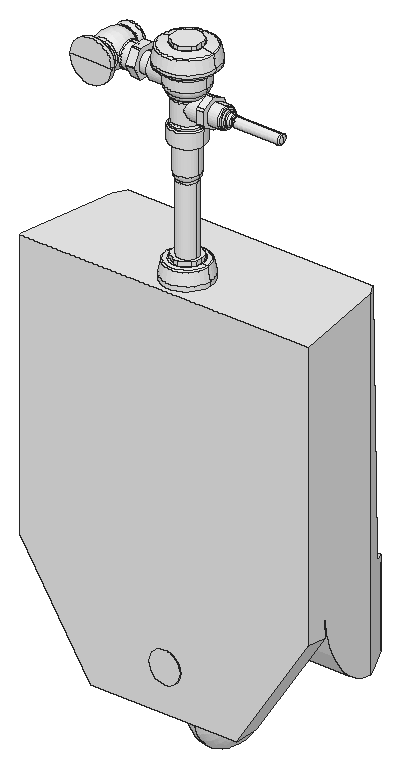
Revit family "API_MY_Urinal_content", category Plumbing Fixtures, host Wall, Revit 2025
Family settings
  Host = Wall
  Round Connector Dimension = Use Diameter
  Part Type = Normal
  OmniClass Number = 23.45.00.00
  OmniClass Title = Sanitary, Laundry, and Cleaning Equipment
  Enable Cutting in Views = No
  Always vertical = Yes
  Cut with Voids When Loaded = No
  Maintain Annotation Orientation = No
  Shared = No
  Room Calculation Point = No
Parameters
  Default Elevation = 0' - 0"
Reference planes (in)
  plane 1: y = 0
  plane 2 "Center (Left/Right)": x = -0.47711
  plane 3 "Back": y = 3
Text (in)
  text "Placement Side" at (0, 40.15149, 123.01588), in view "Right"
  text "Placement Side" at (-70.3804, 45.82615, 0), in view "Ref. Level"
  text "Placement Side" at (0, 47.49176, 113.10569), in view "Left"
Dimensions and locks (in)
  locked: plane 3 "Back" to host wall
  aligned and locked: nested 1 to plane 2 "Center (Left/Right)"
Nested families (in)
  nested 1: "MY_Urinal_Wall_Mounted_content" at (-0.47711, 3, 20) x (-1, 0, 0) z (0, 1, 0), type "Wall Mtd Urinal"
  nested 2: "WSP_WC_Valve" at (-0.47711, 4.8125, 38.11212) x (-1, 0, 0) z (0, 0, 1), type "WC_Valve"
Definition of nested family "MY_Urinal_Wall_Mounted_content"
  Parameters (values of type "Wall Mtd Urinal")
    Width = 1' - 6 1/2"  # constant formula
    Waste Water Outlet = "Waste Water Outlet"  # constant formula
    Waste Connection = yes
    Vent Connection = no
    URL = "https://www.us.kohler.com/us/"
    Type = 0
    Top Spud = not(Rear Spud)  # yes
    Rough-In = 0' - 0"
    Rear Spud = if(Constraint = 1, 1 = 1, 1 = 0)  # no
    Product data url = "https://bimobject.com/kohler/product/Kohler-K-4991-ET"
    Product Page URL = "http://www.us.kohler.com/us/catalog/productDetails.jsp?productNumber=4991-ET"
    Product Name = "Bardon"  # constant formula
    Product Guid = "a37dd442-7ec9-493e-9fb9-5ecb53e68176"
    Product Documentation Link = "http://www.us.kohler.com/onlinecatalog/pdf/K-4991-ET_spec.pdf"
    Pressure = 0.00 psi
    Model = if(and(Type = 1, Constraint = 1), "K-4991-ER-0", if(and(Type = 1, Constraint = 2), "K-4991-ET-0", if(and(Type = 4, Constraint = 2), "K-4991-ET-96", if(and(Type = 2, Constraint = 2), "K-4991-ET-47", if(and(Type = 3, Constraint = 2), "K-4991-ET-7", "0")))))  # "0"
    Material = "Vitreous China"  # constant formula
    MasterFormat 2004 = "22.41.13"  # constant formula
    MasterFormat 1995 = "15410"  # constant formula
    Manufacturer Address = "444 Highland Dr, Kohler, WI 53044"  # constant formula
    Manufacturer = "KOHLER Co."  # constant formula
    Length = 2' - 4 1/4"  # constant formula
    Keynote = "P-9"
    Hot Water Inlet = "Hot Water Inlet"  # constant formula
    Height = 1' - 2 3/16"  # constant formula
    HW Connection = no
    Flush Rate = "1 GPF"  # constant formula
    Flow Rate = 0 GPM
    Finish = none
    Environmental Product Declaration = ""
    Edition number = 1
    Description = "URINAL ADA COMPLIANT"  # constant formula
    Default Elevation = 2' - 0"
    Declare Label = ""
    Date Modified = "11/1/2017"  # constant formula
    Date Created = "11/1/2017"  # constant formula
    Copyright = "Copyright KOHLER Company"  # constant formula
    Contact Us = "https://www.us.kohler.com/us/static/contact.jsp"
    Constraint = 0
    Connection = if(Constraint = 1, 0.00°, 90.00°)  # 90.00°
    Cold Water Inlet = "Cold Water Inlet"  # constant formula
    CW Connection = yes
    Assembly Code = "D2010200"
    ADA Compliant = yes
  Types (2): name | Keynote
    Wall Mtd Urinal | "P-9"
    ADA | "P-10"
  Reference planes (in)
    plane 1 "Center (Front/Back)": y = 0
    plane 2: z = 0
    plane 3 "Center (Left/Right)": x = 0
    plane 4: z = 14.1875
    plane 5: y = -17.12783
    plane 6: y = 11.12217
    plane 7: x = -9.25
    plane 8: x = 9.25
    plane 9: z = 1.8125
    plane 10: y = 8.12217
    plane 11: y = 8.12217
  Forms (in)
    Extrusion 1, solid
      sketch origin (0, 0, 0) x (1, 0, 0) y (0, 1, 0)
        loop
          line (-48, 48) -> (-48, -48) -> (48, -48) -> (48, 48) -> (-48, 48)
      from 0 to -12
  Lines and regions (in)
    reference lines
      curve 1: line (0, 15.10512, 1.8125) -> (0, 16.91762, 1.8125)
    model lines
      curve 2: line (-2.47485, -0.12783, 0) -> (2.77515, -0.12783, 0)
  Dimensions and locks (in)
    "Height": plane 4 to plane 2
    "Length": plane 6 to plane 5
    "Width": plane 7 to plane 8
    plane 5 to curve 2 = 1' - 5"
    "Connection": angle curve 1 to plane 10
    aligned and locked: plane 2 to Extrusion 1
    aligned and locked: level to Extrusion 1
    aligned and locked: plane 9 to curve 1
  Automatic sketch dimensions
    Extrusion 1 sketch curve to Extrusion 1 sketch curve = 8' - 0"  (x2)
    curve 2 to plane 3 "Center (Left/Right)" = 0' - 2.47485"
    plane 3 "Center (Left/Right)" to curve 2 = 0' - 2.77515"
    plane 6 to curve 1 = 0' - 3.98295"
  Nested families (in)
    nested 1: "K-4991" at (0, 6.98295, 0), type "K-4991"
    nested 2: "WSP_WC_Valve" at (0, 18.11212, 1.8125) x (1, 0, 0) z (0, 1, 0), type "WC_Valve"
  Connectors (in)
    piping at (0, 16.91762, 1.8125), diameter 0.75, driven by "CW Connection", driven by "Cold Water Inlet"
      settings: on curve 1, index 1, connector inside diameter 24", connector length 0' - 0", flow factor 0, pipe flow 0 GPM, pressure drop 0.00 psi, fitting loss kfactor 0, connector angle 0.00°, fixture units 0, engagement length 0' - 0", angle of deflection 0.00°, flow configuration 0, flow direction 1, fitting loss method 0, system type 20, joint type 0, gender type 0, connector reference index -1, connector utility 1, adjustable connector no, is connector primary yes, connector description "Cold Water Inlet"
    piping at (0, -3.48738, 0), diameter 2, driven by "Waste Connection", driven by "Waste Water Outlet"
      settings: on nested 1, index 2, connector inside diameter 24", connector length 0' - 0", flow factor 0, pipe flow 0 GPM, pressure drop 0.00 psi, fitting loss kfactor 0, connector angle 0.00°, fixture units 0, engagement length 0' - 0", angle of deflection 0.00°, flow configuration 0, flow direction 2, fitting loss method 0, system type 16, joint type 0, gender type 0, connector reference index -1, connector utility 1, adjustable connector no, is connector primary no, connector description "Waste Water Outlet"
  Definition of nested family "K-4991"
    Parameters (values of type "K-4991")
      Top Spud Material = none
      Top Spud = yes
      Rear Spud = no
      Finish = none
      Default Elevation = 0' - 0"
      Angle = 90.00°
    Reference planes (in)
      plane 1 "Center (Front/Back)": y = 0
      plane 2: z = 0
      plane 3 "Center (Left/Right)": x = 0
    Forms (in)
      Extrusion 1, solid, material <- "Finish"
        sketch origin (0, 0, 0) x (1, 0, 0) y (0, 0, 1)
          loop
            line (-9.21192, 0) -> (9.28808, 0) -> (9.28808, 15.4312) -> (-9.21192, 15.4312) -> (-9.21192, 0)
        from -11.12917 to 13.10029
      Extrusion 2, void
        sketch origin (0, 0, 0) x (1, 0, 0) y (0, 0, 1)
          loop
            arc (-9.21192, 0) -> (-8.79054, 3.12987) -> (-8.19632, 6.23157) r 56.94914
            arc (-8.19632, 6.23157) -> (-7.50331, 7.52288) -> (-6.79763, 8.80731) r 149.10691
            arc (-6.79763, 8.80731) -> (-6.63095, 8.93042) -> (-6.42866, 8.88552) r 0.25
            line (-6.42866, 8.88552) -> (-5.66947, 8.31342)
            arc (-5.66947, 8.31342) -> (-5.08301, 8.17467) -> (-4.58378, 8.51224) r 0.75
            line (-4.58378, 8.51224) -> (-1.57012, 13.28941)
            arc (-1.57012, 13.28941) -> (0.04688, 14.1812) -> (1.66387, 13.28941) r 1.91186
            line (1.66387, 13.28941) -> (4.67753, 8.51224)
            arc (4.67753, 8.51224) -> (5.17676, 8.17467) -> (5.76322, 8.31342) r 0.75
            line (5.76322, 8.31342) -> (6.56225, 8.91554)
            arc (6.56225, 8.91554) -> (6.72938, 8.95265) -> (6.8671, 8.85097) r 0.20658
            arc (6.8671, 8.85097) -> (7.58513, 7.54483) -> (8.29007, 6.23157) r 149.10691
            arc (8.29007, 6.23157) -> (8.87106, 3.21073) -> (9.28808, 0.16293) r 56.94914
            line (9.28808, 0.16293) -> (9.28808, 15.26946) -> (-9.21192, 15.26946) -> (-9.21192, 0)
        from -11.50917 to 13.5253
      Extrusion 3, void
        sketch origin (0, 0, 0) x (0, 1, 0) y (0, 0, 1)
          loop
            line (11.12917, 6.93556) -> (11.12917, 14.1812) -> (11.12917, 15.4312) -> (-14.40221, 15.4312) -> (-14.40221, 1.51946) -> (-5.3086, 1.51946)
            arc (-5.3086, 1.51946) -> (-9.63132, 3.94848) -> (-10.95551, 8.72682) r 6.45426
            arc (-10.95551, 8.72682) -> (-9.8337, 11.87211) -> (-7.4853, 14.24619) r 7.6964
            arc (-7.4853, 14.24619) -> (-7.26329, 14.27051) -> (-7.11043, 14.10768) r 0.25
            line (-7.11043, 14.10768) -> (-5.3683, 8.28549)
            arc (-5.3683, 8.28549) -> (-5.05632, 7.87023) -> (-4.54937, 7.75724) r 0.75
            line (-4.54937, 7.75724) -> (11.12917, 6.93556)
        from -13.08037 to 12
      Extrusion 4, void
        sketch origin (-0.3125, 11.12917, 0) x (1, 0, 0) y (0, 0, 1)
          loop
            line (5.67968, 5.91122) -> (6.28377, 7.57094)
            arc (6.28377, 7.57094) -> (6.25363, 7.79984) -> (6.04885, 7.90645) r 0.25
            line (6.04885, 7.90645) -> (4.86215, 7.90645)
            arc (4.86215, 7.90645) -> (4.3019, 8.05657) -> (3.89177, 8.4667) r 1.1205
            line (3.89177, 8.4667) -> (1.92409, 11.87483) -> (-0.64713, 11.87483) -> (-3.28204, 8.37178)
            arc (-3.28204, 8.37178) -> (-3.67731, 8.0426) -> (-4.17798, 7.92459) r 1.12109
            line (-4.17798, 7.92459) -> (-5.44609, 7.92459)
            arc (-5.44609, 7.92459) -> (-5.65088, 7.81799) -> (-5.68102, 7.58909) r 0.25
            line (-5.68102, 7.58909) -> (-5.07032, 5.91122)
            arc (-5.07032, 5.91122) -> (0.30468, 4.11539) -> (5.67968, 5.91122) r 8.94175
        from 1.47527 to 18.80036
      Extrusion 5, void
        sketch origin (0, -6.47724, 1.51946) x (1, 0, 0) y (0, -1, 0)
          loop
            line (-10.52804, -2.48114) -> (-4.61571, 6.62304) -> (4.70946, 6.62304) -> (10.99022, -3.04848) -> (11.72057, -3.04848) -> (11.72057, 8.81961) -> (-11.27943, 8.81961) -> (-11.27943, -2.48114) -> (-10.52804, -2.48114)
        from 0 to 4.43631
      Revolve 6, solid, material <- "Finish"
        sketch origin (0, 0, 0) x (0, 1, 0) y (0, 0, 1)
          loop
            line (-9.90635, 7.04878) -> (-9.90635, 9.29767)
            arc (-9.90635, 9.29767) -> (-12.02585, 8.53798) -> (-14.23427, 8.09946) r 15.21172
            line (-14.23427, 8.09946) -> (-14.23427, 7.04878) -> (-9.90635, 7.04878)
          axis (-9.90635, 7.04878) -> (-14.23427, 7.04878)
        angle from 0 to 360
      Sweep 7, solid, material <- "Finish"
        path origin (0, 0, 0) x (0, 1, 0) y (0, 0, 1)
          loop
            arc (-14.23427, 7.04878) -> (-16.05817, 5.22488) -> (-14.23427, 3.40097) r 1.8239
            arc (-14.23427, 3.40097) -> (-11.61411, 2.64076) -> (-9.80772, 0.59623) r 4.89545
        profile origin (0, -16.05817, 5.22488) x (1, 0, 0) y (0, 1, 0)
          loop
            circle (0, 0) r 1.05078
      Extrusion 8, solid, material <- "Finish"
        sketch origin (0, 0, 0) x (1, 0, 0) y (0, 1, 0)
          loop
            circle (0, -10.47033) r 1
        from 0 to 0.16293
      Revolve 9, solid, material <- "Top Spud Material", visible <- "Top Spud"
        sketch origin (0, 0, 1.87145) x (1, 0, 0) y (0, 1, 0)
          loop
            line (-1.24916, 11.12917) -> (0, 11.12917) -> (0, 12.17339) -> (-0.74749, 12.17339) -> (-0.74749, 11.79492)
            arc (-0.74749, 11.79492) -> (-1.09107, 11.53193) -> (-1.24916, 11.12917) r 0.80604
          axis (0, 12.17339) -> (0, 11.12917)
        angle from 0 to 360
    Cuts and joins
      Extrusion 2, Extrusion 3, Extrusion 4, Extrusion 5 cuts Extrusion 1
      joined: Extrusion 1, Sweep 7
    Lines and regions (in)
      Masking region 1
        outline origin (0, 0, 0) x (1, 0, 0) y (0, 1, 0)
          loop
            line (-9.21192, 11.12917) -> (-9.21192, -6.79685)
            arc (-9.21192, -6.79685) -> (-9.0031, -8.86367) -> (-8.19624, -10.7779) r 6.99181
            spline (-8.19624, -10.7779) -> (-8.13133, -10.80972) -> (-8.06606, -10.83917) -> (-8.00044, -10.86624) -> (-7.9345, -10.89092) -> (-7.86826, -10.91321) -> (-7.80172, -10.93309) -> (-7.73492, -10.95057) -> (-7.66787, -10.96564) -> (-7.60059, -10.97829) -> (-7.53311, -10.98852) -> (-7.46543, -10.99632) -> (-7.39759, -11.00171)
            line (-7.39759, -11.00171) -> (-6.08516, -11.00171) -> (-4.61571, -13.10029) -> (-1.21192, -13.10029) -> (-1.05068, -14.23427) -> (-1.05068, -16.23427)
            arc (-1.05068, -16.23427) -> (0, -17.08899) -> (1.05068, -16.23427) r 1.07315
            line (1.05068, -16.23427) -> (1.05068, -14.23427) -> (1.23744, -13.10029) -> (4.70946, -13.10029) -> (6.07245, -11.00147) -> (7.49514, -11.00147)
            spline (7.49514, -11.00147) -> (7.56269, -10.99599) -> (7.63006, -10.9881) -> (7.69725, -10.97781) -> (7.76422, -10.96512) -> (7.83096, -10.95004) -> (7.89745, -10.93257) -> (7.96368, -10.91271) -> (8.02961, -10.89047) -> (8.09524, -10.86586) -> (8.16054, -10.83888) -> (8.22549, -10.80954) -> (8.29008, -10.77785)
            arc (8.29008, -10.77785) -> (9.08181, -8.86074) -> (9.28808, -6.79685) r 7.12777
            line (9.28808, -6.79685) -> (9.28808, 11.12917) -> (-9.21192, 11.12917)
      Masking region 2
        outline origin (0, 0, 0) x (1, 0, 0) y (0, 0, 1)
          loop
            arc (8.29007, 6.23157) -> (7.58513, 7.54483) -> (6.8671, 8.85097) r 149.10691
            arc (6.8671, 8.85097) -> (6.72938, 8.95265) -> (6.56225, 8.91554) r 0.20658
            line (6.56225, 8.91554) -> (5.76322, 8.31342)
            arc (5.76322, 8.31342) -> (5.17676, 8.17467) -> (4.67753, 8.51224) r 0.75
            line (4.67753, 8.51224) -> (1.66387, 13.28941)
            arc (1.66387, 13.28941) -> (0.04688, 14.1812) -> (-1.57012, 13.28941) r 1.91186
            line (-1.57012, 13.28941) -> (-4.58378, 8.51224)
            arc (-4.58378, 8.51224) -> (-5.08301, 8.17467) -> (-5.66947, 8.31342) r 0.75
            line (-5.66947, 8.31342) -> (-6.42866, 8.88552)
            arc (-6.42866, 8.88552) -> (-6.63095, 8.93042) -> (-6.79763, 8.80731) r 0.25
            arc (-6.79763, 8.80731) -> (-7.50331, 7.52288) -> (-8.19632, 6.23157) r 149.10691
            arc (-8.19632, 6.23157) -> (-8.79054, 3.12987) -> (-9.21192, 0) r 56.94914
            line (-9.21192, 0) -> (9.30567, 0)
            arc (9.30567, 0) -> (8.88429, 3.12987) -> (8.29007, 6.23157) r 56.94914
      Masking region 3, visible <- "Top Spud"
        outline origin (0, 0, 0) x (1, 0, 0) y (0, 1, 0)
          loop
            line (-0.74749, 12.17339) -> (-0.74749, 11.79492)
            arc (-0.74749, 11.79492) -> (-1.09575, 11.53546) -> (-1.24916, 11.12917) r 0.77301
            line (-1.24916, 11.12917) -> (1.24916, 11.12917)
            arc (1.24916, 11.12917) -> (1.09575, 11.53546) -> (0.74749, 11.79492) r 0.77301
            line (0.74749, 11.79492) -> (0.74749, 12.17339) -> (-0.74749, 12.17339)
      Masking region 4
        outline origin (0, 0, 0) x (0, 1, 0) y (0, 0, 1)
          loop
            line (11.12917, 0) -> (11.12917, 6.93556) -> (-4.69299, 7.76477)
            arc (-4.69299, 7.76477) -> (-5.11725, 7.92411) -> (-5.37226, 8.29874) r 0.75
            line (-5.37226, 8.29874) -> (-7.13579, 14.19242) -> (-7.56764, 14.19242)
            arc (-7.56764, 14.19242) -> (-9.81716, 11.8983) -> (-10.93404, 8.88567) r 7.6964
            arc (-10.93404, 8.88567) -> (-12.56156, 8.39772) -> (-14.23427, 8.09946) r 14.80522
            arc (-14.23427, 8.09946) -> (-17.10084, 5.17399) -> (-14.13392, 2.35034) r 2.87531
            arc (-14.13392, 2.35034) -> (-12.92583, 2.11318) -> (-11.8473, 1.51946) r 3.9954
            line (-11.8473, 1.51946) -> (-13.10029, 1.51946) -> (-13.10029, 0) -> (11.12917, 0)
          loop
            line (-9.10847, 1.51946) -> (-5.3086, 1.51946)
            arc (-5.3086, 1.51946) -> (-8.22287, 2.62021) -> (-10.26864, 4.96957) r 6.38059
            arc (-10.26864, 4.96957) -> (-12.21578, 5.62138) -> (-14.23427, 5.9981) r 14.8358
            arc (-14.23427, 5.9981) -> (-15.01681, 5.20917) -> (-14.19803, 4.45793) r 0.77088
            arc (-14.19803, 4.45793) -> (-11.26323, 3.66424) -> (-9.10847, 1.51946) r 5.92465
      Masking region 5, visible <- "Top Spud"
        outline origin (0, 0, 0) x (0, 1, 0) y (0, 0, 1)
          loop
            line (12.17339, 2.61894) -> (11.79492, 2.61894)
            arc (11.79492, 2.61894) -> (11.5392, 2.97074) -> (11.12917, 3.11578) r 0.73321
            line (11.12917, 3.11578) -> (11.12917, 0.62712)
            arc (11.12917, 0.62712) -> (11.5392, 0.77217) -> (11.79492, 1.12397) r 0.73321
            line (11.79492, 1.12397) -> (12.17339, 1.12397) -> (12.17339, 2.61894)
      symbolic lines, detail levels medium+fine
        curve 1: arc (-1.83168, -11.00171, 0) -> (-1.47647, -12.03761, 0) -> (-1.21192, -13.10029, 0) r 12.68547
        curve 2: arc (1.23744, -13.10029, 0) -> (1.47766, -12.03374, 0) -> (1.83842, -11.00171, 0) r 9.53221
        curve 3: line (-6.08516, -11.00171, 0) -> (5.91484, -11.00171, 0)
        curve 4: line (-7.37634, -4.52922, 0) -> (-7.82053, 11.12917, 0)
        curve 5: spline (-7.10958, -5.35621, 0) -> (-7.14009, -5.32626, 0) -> (-7.16971, -5.28793, 0) -> (-7.19825, -5.24149, 0) -> (-7.22549, -5.18726, 0) -> (-7.25125, -5.12563, 0) -> (-7.27534, -5.05704, 0) -> (-7.29759, -4.98196, 0) -> (-7.31785, -4.90093, 0) -> (-7.33598, -4.81451, 0) -> (-7.35184, -4.72332, 0) -> (-7.36532, -4.628, 0) -> (-7.37634, -4.52922, 0)
        curve 6: spline (-6.796, -5.52588, 0) -> (-6.82223, -5.51176, 0) -> (-6.84844, -5.49763, 0) -> (-6.87463, -5.4835, 0) -> (-6.90081, -5.46937, 0) -> (-6.92696, -5.45523, 0) -> (-6.9531, -5.44109, 0) -> (-6.97923, -5.42695, 0) -> (-7.00533, -5.41281, 0) -> (-7.03142, -5.39866, 0) -> (-7.05749, -5.38451, 0) -> (-7.08354, -5.37036, 0) -> (-7.10958, -5.35621, 0)
        curve 7: spline (-6.43648, -5.5496, 0) -> (-6.46616, -5.55471, 0) -> (-6.49811, -5.55859, 0) -> (-6.5317, -5.56116, 0) -> (-6.56625, -5.56237, 0) -> (-6.60106, -5.56219, 0) -> (-6.63543, -5.56064, 0) -> (-6.66867, -5.55773, 0) -> (-6.70011, -5.55354, 0) -> (-6.72912, -5.54814, 0) -> (-6.75511, -5.54163, 0) -> (-6.77755, -5.53417, 0) -> (-6.796, -5.52588, 0)
        curve 8: line (-5.62965, -5.36837, 0) -> (-6.43648, -5.5496, 0)
        curve 9: spline (-4.80933, -5.36773, 0) -> (-4.87093, -5.35503, 0) -> (-4.9362, -5.34446, 0) -> (-5.00446, -5.33613, 0) -> (-5.07498, -5.33014, 0) -> (-5.14701, -5.32654, 0) -> (-5.2198, -5.32537, 0) -> (-5.29257, -5.32665, 0) -> (-5.36455, -5.33036, 0) -> (-5.43498, -5.33647, 0) -> (-5.50312, -5.3449, 0) -> (-5.56824, -5.35557, 0) -> (-5.62965, -5.36837, 0)
        curve 10: line (-1.57012, -6.86559, 0) -> (-4.58378, -5.43615, 0)
        curve 11: spline (-4.58378, -5.43615, 0) -> (-4.59842, -5.42945, 0) -> (-4.61389, -5.4229, 0) -> (-4.63017, -5.41652, 0) -> (-4.64724, -5.41031, 0) -> (-4.66508, -5.40428, 0) -> (-4.68365, -5.39844, 0) -> (-4.70295, -5.3928, 0) -> (-4.72294, -5.38735, 0) -> (-4.7436, -5.38211, 0) -> (-4.76491, -5.37709, 0) -> (-4.78682, -5.3723, 0) -> (-4.80933, -5.36773, 0)
        curve 12: spline (0.56861, -7.11078, 0) -> (0.48372, -7.12002, 0) -> (0.39771, -7.12762, 0) -> (0.31079, -7.13355, 0) -> (0.2232, -7.1378, 0) -> (0.13515, -7.14035, 0) -> (0.04688, -7.1412, 0) -> (-0.04139, -7.14035, 0) -> (-0.12944, -7.1378, 0) -> (-0.21703, -7.13355, 0) -> (-0.30395, -7.12762, 0) -> (-0.38996, -7.12002, 0) -> (-0.47485, -7.11078, 0)
        curve 13: spline (1.66372, -6.86556, 0) -> (1.59992, -6.89418, 0) -> (1.5301, -6.92161, 0) -> (1.45451, -6.94776, 0) -> (1.37346, -6.97252, 0) -> (1.28723, -6.99581, 0) -> (1.19616, -7.01753, 0) -> (1.1006, -7.0376, 0) -> (1.00091, -7.05594, 0) -> (0.89747, -7.07249, 0) -> (0.79066, -7.08718, 0) -> (0.68091, -7.09996, 0) -> (0.56861, -7.11078, 0)
        curve 14: line (4.74341, -5.4049, 0) -> (1.66387, -6.86559, 0)
        curve 15: spline (5.7234, -5.36837, 0) -> (5.66199, -5.35557, 0) -> (5.59687, -5.3449, 0) -> (5.52873, -5.33647, 0) -> (5.4583, -5.33036, 0) -> (5.38631, -5.32665, 0) -> (5.31354, -5.32537, 0) -> (5.24075, -5.32654, 0) -> (5.16872, -5.33014, 0) -> (5.0982, -5.33613, 0) -> (5.02994, -5.34446, 0) -> (4.96466, -5.35503, 0) -> (4.90307, -5.36773, 0)
        curve 16: line (6.56871, -5.55828, 0) -> (5.7234, -5.36837, 0)
        curve 17: spline (6.86481, -5.5387, 0) -> (6.84957, -5.5456, 0) -> (6.83104, -5.55183, 0) -> (6.8096, -5.55724, 0) -> (6.78569, -5.56174, 0) -> (6.75977, -5.56522, 0) -> (6.73239, -5.56763, 0) -> (6.70408, -5.56891, 0) -> (6.67542, -5.56903, 0) -> (6.64699, -5.568, 0) -> (6.61936, -5.56583, 0) -> (6.59309, -5.56257, 0) -> (6.56871, -5.55828, 0)
        curve 18: spline (7.20183, -5.35642, 0) -> (7.17386, -5.37163, 0) -> (7.14586, -5.38683, 0) -> (7.11785, -5.40203, 0) -> (7.08981, -5.41723, 0) -> (7.06176, -5.43242, 0) -> (7.03368, -5.44761, 0) -> (7.00559, -5.4628, 0) -> (6.97747, -5.47799, 0) -> (6.94934, -5.49317, 0) -> (6.92118, -5.50835, 0) -> (6.89301, -5.52352, 0) -> (6.86481, -5.5387, 0)
        curve 19: spline (7.4701, -4.52884, 0) -> (7.47308, -4.61944, 0) -> (7.47081, -4.71013, 0) -> (7.46332, -4.79961, 0) -> (7.45073, -4.88658, 0) -> (7.43321, -4.96977, 0) -> (7.41102, -5.04799, 0) -> (7.38448, -5.1201, 0) -> (7.35397, -5.18506, 0) -> (7.31994, -5.24193, 0) -> (7.28288, -5.28988, 0) -> (7.24332, -5.32823, 0) -> (7.20183, -5.35642, 0)
        curve 20: line (7.91428, 11.12917, 0) -> (7.4701, -4.52884, 0)
        curve 21: spline (-0.47485, -7.11078, 0) -> (-0.58715, -7.09996, 0) -> (-0.6969, -7.08718, 0) -> (-0.80371, -7.07249, 0) -> (-0.90715, -7.05594, 0) -> (-1.00685, -7.0376, 0) -> (-1.10241, -7.01753, 0) -> (-1.19348, -6.99581, 0) -> (-1.2797, -6.97252, 0) -> (-1.36076, -6.94776, 0) -> (-1.43635, -6.92161, 0) -> (-1.50617, -6.89418, 0) -> (-1.56997, -6.86556, 0)
        curve 22: spline (4.90307, -5.36773, 0) -> (4.88056, -5.3723, 0) -> (4.85865, -5.3771, 0) -> (4.83734, -5.38212, 0) -> (4.81669, -5.38735, 0) -> (4.79669, -5.3928, 0) -> (4.7774, -5.39844, 0) -> (4.75882, -5.40429, 0) -> (4.74099, -5.41031, 0) -> (4.72392, -5.41652, 0) -> (4.70764, -5.4229, 0) -> (4.69217, -5.42945, 0) -> (4.67753, -5.43615, 0)
        curve 23: line (-5.38282, 9.65391, 0) -> (5.36718, 9.65391, 0)
        curve 24: line (5.36718, 9.65391, 0) -> (5.36112, -5.3086, 0)
        curve 25: line (-5.38282, -5.3086, 0) -> (-5.38282, 9.65391, 0)
        curve 38: arc (0, -10.92318, 8.95705) -> (0, -10.92181, 6.90981) -> (0, -10.26864, 4.96957) r 6.3451
        curve 39: line (0, -9.10847, 1.51946) -> (0, -11.8473, 1.51946)
        curve 40: arc (-1, 0, 1.86782) -> (0, 0, 0.86782) -> (1, 0, 1.86782) r 1
        curve 41: arc (1, 0, 1.86782) -> (0, 0, 2.86782) -> (-1, 0, 1.86782) r 1
      symbolic lines
        curve 26: line (3.57927, 0, 8.4667) -> (1.61159, 0, 11.87483)
        curve 27: arc (4.54965, 0, 7.90645) -> (3.9894, 0, 8.05657) -> (3.57927, 0, 8.4667) r 1.1205
        curve 28: line (5.73635, 0, 7.90645) -> (4.54965, 0, 7.90645)
        curve 29: line (5.36718, 0, 5.91122) -> (5.97127, 0, 7.57094)
        curve 30: arc (5.97127, 0, 7.57094) -> (5.94113, 0, 7.79984) -> (5.73635, 0, 7.90645) r 0.25
        curve 31: arc (-5.38282, 0, 5.91122) -> (-0.00782, 0, 4.11539) -> (5.36718, 0, 5.91122) r 8.94175
        curve 32: line (-5.99352, 0, 7.58909) -> (-5.38282, 0, 5.91122)
        curve 33: arc (-5.75859, 0, 7.92459) -> (-5.96338, 0, 7.81799) -> (-5.99352, 0, 7.58909) r 0.25
        curve 34: line (-4.49048, 0, 7.92459) -> (-5.75859, 0, 7.92459)
        curve 35: arc (-3.59454, 0, 8.37178) -> (-3.98981, 0, 8.0426) -> (-4.49048, 0, 7.92459) r 1.12109
        curve 36: line (-0.95963, 0, 11.87483) -> (-3.59454, 0, 8.37178)
        curve 37: line (1.61159, 0, 11.87483) -> (-0.95963, 0, 11.87483)
      symbolic lines, visible <- "Top Spud", detail levels medium+fine
        curve 42: line (-0.74749, 11.79492, 0) -> (0.74749, 11.79492, 0)
        curve 43: line (0, 11.79492, 2.61894) -> (0, 11.79492, 1.12397)
    Dimensions and locks (in)
      aligned and locked: plane 2 to level
  Definition of nested family "WSP_WC_Valve"
    Parameters (values of type "WC_Valve")
      YO- Bumper on Angle Stop = yes
      YG - Extended Bumber on Angle Stop = no
      Waste Connection = no
      Warranty = "3 Year (Limited)"
      Vent Connection = no
      Valve Body, Tailpiece and Control = ""
      US List Price = "0.00"
      URL = "www.sloanvalve.com"
      TP Trap Primer = no
      Spud Location = "Exposed Top"
      Specifications = "'UPPERCUT' Water Saving Dual Flush Flushometer, \r\nC.P. low consumption, down 6 LPF / up 4.2 LPF (1.6 GPF/1.06 GPF) factory set flow, quiet action 'PERMEX' diaphragm type, dual filtered by-pass with non-hold open feature, high pressure vacuum breaker and V.P. smooth cap on back-check angle stop and triple seal anti-microbial green lever handle. "
      Satin Chrome Finish = no
      SG- SaniGuard Antimicrobial Handle and Socket = no
      Product URL = "http://www.sloanvalve.com/Specifications/WES-111_Dual_Flush_Flushometer.pdf"
      Polished Chrome Finish = yes
      Polished Brass Finish = no
      Operation = "Manual"
      Mounting = "Exposed"
      Model = "WES-111"
      Manufacturer = "Sloan Valve Company"
      Inlet Spud Size = "1 1/2\" I.P.S"
      HW Connection = no
      HL-3 , 3 " Metal Push Button = no
      Gold Plate Finish = no
      Flush Cycle Water Usage = "1.6 gpf/ 6 Lpf"
      Flush Choice = "Dual Flush"
      Description = "'UPPERCUT' Water Saving Dual Flush Flushometer, \r\nC.P. low consumption, down 6 LPF / up 4.2 LPF (1.6 GPF/1.06 GPF) factory set flow, quiet action PERMEX diaphragm type, dual filtered by-pass with non-hold open feature, high pressure vacuum breaker and extended seat bumper on back-check angle stop and triple seal anti-microbial green lever handle. "
      Default Elevation = 4' - 0"
      Cost = 0
      CW Connection = yes
      CL of Valve to Finish Wall = "2 1/4\" MIN."
      CL Supply to CL of Valve = "4 3/4\""
      CL Supply Above Top of Fixture = "11 1/2\""
      CAN List Price = 0
      Brushed Nickel Finish = no
      Assembly Code = ""
      ADA Compliant = yes
    Reference planes (in)
      plane 1 "Center (Front/Back)": y = 0
      plane 2: z = 0
      plane 3 "Center (Left/Right)": x = 0
    Forms (in)
      Revolve 1, solid
        sketch origin (0, 0, 0.02521) x (1, 0, 0) y (0, 0, 1)
          loop
            line (0, -0.08884) -> (0.63253, -0.08884) -> (0.63253, 5.66116)
            arc (0.63253, 5.66116) -> (0.64527, 5.75795) -> (0.68263, 5.84813) r 0.37393
            arc (0.68263, 5.84813) -> (0.73935, 5.9836) -> (0.76017, 6.12898) r 0.57928
            line (0.76017, 6.12898) -> (0.76017, 8.39163) -> (0, 8.39163) -> (0, -0.08884)
          axis (0, -0.08884) -> (0, 8.39163)
        angle from 0 to 360
      Revolve 2, solid
        sketch origin (0, 0, 0.02521) x (1, 0, 0) y (0, 0, 1)
          loop
            line (0.00753, -0.01009) -> (1.50753, -0.01009) -> (1.50753, 0.27288) -> (1.35113, 1.00869)
            arc (1.35113, 1.00869) -> (1.32943, 1.05168) -> (1.28934, 1.07836) r 0.09434
            line (1.28934, 1.07836) -> (1.03322, 1.11435) -> (0.00753, 1.11435) -> (0.00753, -0.01009)
          axis (0.00753, -0.01009) -> (0.00753, 1.11435)
        angle from 0 to 360
      Extrusion 3, solid
        sketch origin (0, 2.25, 0.02521) x (1, 0, 0) y (0, 1, 0)
          loop
            line (-0.86747, -2.23806) -> (-0.86747, -2.58153) -> (-0.72743, -2.82409) -> (-0.13251, -3.16757) -> (0.14757, -3.16757) -> (0.74249, -2.82409) -> (0.88253, -2.58153) -> (0.88253, -2.23806) -> (0.88253, -1.91847) -> (0.74249, -1.67591) -> (0.14757, -1.33243) -> (-0.13251, -1.33243) -> (-0.72743, -1.67591) -> (-0.86747, -1.91847) -> (-0.86747, -2.23806)
        from 1.11491 to 1.35621
      Revolve 4, solid
        sketch origin (0, 0, 0.02521) x (1, 0, 0) y (0, 0, 1)
          loop
            line (0, 7.89991) -> (1.06253, 7.89991) -> (1.06253, 8.80193) -> (0.98454, 8.87991) -> (0.94251, 8.87991) -> (0.94251, 8.97447)
            arc (0.94251, 8.97447) -> (0.88314, 9.02646) -> (0.86388, 9.10299) r 0.13248
            line (0.86388, 9.10299) -> (0, 9.10299) -> (0, 7.89991)
          axis (0, 7.89991) -> (0, 9.10299)
        angle from 0 to 360
      Revolve 5, solid
        sketch origin (0, 0, 0.02521) x (1, 0, 0) y (0, 0, 1)
          loop
            line (0.00561, 9.10299) -> (0.86388, 9.10299) -> (0.86388, 10.3988)
            arc (0.86388, 10.3988) -> (0.87041, 10.47268) -> (0.88982, 10.54427) r 0.42078
            arc (0.88982, 10.54427) -> (0.95721, 10.62225) -> (1.04537, 10.67565) r 0.3301
            arc (1.04537, 10.67565) -> (1.09998, 10.77374) -> (1.112, 10.88537) r 0.28213
            line (1.112, 10.88537) -> (0.00561, 10.88537) -> (0.00561, 10.67565) -> (0.00561, 9.10299)
          axis (0.00561, 9.10299) -> (0.00561, 10.88537)
        angle from 0 to 360
      Revolve 6, solid
        sketch origin (0, 0, 0.02521) x (1, 0, 0) y (0, 0, 1)
          loop
            line (0.00561, 10.88528) -> (1.1129, 10.88528)
            arc (1.1129, 10.88528) -> (1.23956, 11.05734) -> (1.27535, 11.26797) r 0.46243
            line (1.27535, 11.26797) -> (1.27535, 11.89258)
            arc (1.27535, 11.89258) -> (1.39768, 12.17964) -> (1.66499, 12.3406) r 0.50671
            line (1.66499, 12.3406) -> (0.00561, 12.3406) -> (0.00561, 10.88528)
          axis (0.00561, 10.88528) -> (0.00561, 12.3406)
        angle from 0 to 360
      Revolve 7, solid
        sketch origin (0, 0, 0.02521) x (1, 0, 0) y (0, 0, 1)
          loop
            line (0, 12.32585) -> (1.78337, 12.32585)
            arc (1.78337, 12.32585) -> (1.82371, 12.34174) -> (1.84238, 12.38087) r 0.05915
            line (1.84238, 12.38087) -> (1.84238, 12.57836) -> (1.68291, 13.3286)
            arc (1.68291, 13.3286) -> (1.65195, 13.36845) -> (1.60556, 13.38833) r 0.10095
            line (1.60556, 13.38833) -> (0.96184, 13.48717) -> (0, 13.48717) -> (0, 12.32585)
          axis (0, 12.32585) -> (0, 13.48717)
        angle from 0 to 360
      Revolve 8, solid
        sketch origin (0, 0, 0.02521) x (1, 0, 0) y (0, 0, 1)
          loop
            line (-0.25799, 10.01931) -> (-0.25799, 10.78663) -> (-1.28126, 10.78663) -> (-1.28126, 10.67977) -> (-2.48483, 10.67977) -> (-2.56747, 10.64142) -> (-2.56747, 10.58381) -> (-2.64223, 10.58381)
            arc (-2.64223, 10.58381) -> (-2.69474, 10.5608) -> (-2.7134, 10.50661) r 0.07141
            line (-2.7134, 10.50661) -> (-2.7134, 10.44969)
            arc (-2.7134, 10.44969) -> (-2.7222, 10.43552) -> (-2.73765, 10.42922) r 0.027
            arc (-2.73765, 10.42922) -> (-2.78245, 10.41721) -> (-2.82615, 10.40165) r 0.57921
            arc (-2.82615, 10.40165) -> (-2.89678, 10.36755) -> (-2.96215, 10.32422) r 0.57921
            arc (-2.96215, 10.32422) -> (-2.98969, 10.3051) -> (-3.02134, 10.29407) r 0.12388
            line (-3.02134, 10.29407) -> (-3.1224, 10.29407)
            arc (-3.1224, 10.29407) -> (-3.13851, 10.29519) -> (-3.15387, 10.30019) r 0.0661
            arc (-3.15387, 10.30019) -> (-3.18973, 10.31965) -> (-3.22997, 10.32639) r 0.1236
            line (-3.22997, 10.32639) -> (-6.01793, 10.32639)
            arc (-6.01793, 10.32639) -> (-6.05847, 10.31604) -> (-6.08544, 10.28404) r 0.06849
            arc (-6.08544, 10.28404) -> (-6.12067, 10.15401) -> (-6.12264, 10.01931) r 0.54041
            line (-6.12264, 10.01931) -> (-0.25799, 10.01931)
          axis (-0.25799, 10.01931) -> (-6.12264, 10.01931)
        angle from 0 to 360
      Extrusion 9, solid
        sketch origin (0, 2.23438, 0.02521) x (0, 1, 0) y (0, 0, 1)
          loop
            line (-1.41006, 10.40697) -> (-1.48886, 10.54346) -> (-2.15926, 10.93051) -> (-2.31686, 10.93051) -> (-2.98726, 10.54346) -> (-3.06606, 10.40697) -> (-3.06606, 9.63286) -> (-2.98726, 9.49637) -> (-2.31686, 9.10932) -> (-2.15926, 9.10932) -> (-1.48886, 9.49637) -> (-1.41006, 9.63286) -> (-1.41006, 10.40697)
        from -1.74187 to -1.28126
      Extrusion 10, solid
        sketch origin (0, 2.25, 0.02521) x (1, 0, 0) y (0, 1, 0)
          loop
            line (0.88253, -2.25) -> (0.88253, -1.91847) -> (0.74249, -1.67591) -> (0.14757, -1.33243) -> (-0.13251, -1.33243) -> (-0.72743, -1.67591) -> (-0.86747, -1.91847) -> (-0.86747, -2.25) -> (-0.86747, -2.58153) -> (-0.72743, -2.82409) -> (-0.13251, -3.16757) -> (0.14757, -3.16757) -> (0.74249, -2.82409) -> (0.88253, -2.58153) -> (0.88253, -2.25)
        from 13.484 to 13.73695
      Revolve 11, solid
        sketch origin (0, 0, 0.02521) x (1, 0, 0) y (0, 0, 1)
          loop
            line (0.62531, 11.48891) -> (3.75404, 11.48891) -> (3.75404, 12.28199)
            arc (3.75404, 12.28199) -> (3.72161, 12.25819) -> (3.68244, 12.24896) r 0.10081
            line (3.68244, 12.24896) -> (3.18606, 12.24896)
            arc (3.18606, 12.24896) -> (3.13046, 12.25491) -> (3.08319, 12.28478) r 0.12343
            line (3.08319, 12.28478) -> (3.08319, 12.14512) -> (2.59778, 12.14512) -> (2.00753, 12.14512) -> (2.00753, 12.28863) -> (0.62531, 12.28863) -> (0.62531, 11.48891)
          axis (3.75404, 11.48891) -> (0.62531, 11.48891)
        angle from 0 to 360
      Revolve 12, solid
        sketch origin (0, 2.2491, 11.50749) x (1, 0, 0) y (0, 1, 0)
          loop
            line (4.73198, -3.18309) -> (4.73198, -3.8744)
            arc (4.73198, -3.8744) -> (5.13926, -3.85351) -> (5.53651, -3.76133) r 2.31021
            arc (5.53651, -3.76133) -> (5.63828, -3.68368) -> (5.66974, -3.5596) r 0.19447
            arc (5.66974, -3.5596) -> (5.66663, -3.37018) -> (5.63687, -3.18309) r 1.34128
            line (5.63687, -3.18309) -> (5.55975, -3.18309)
            arc (5.55975, -3.18309) -> (5.58898, -3.09571) -> (5.66157, -3.03897) r 0.15989
            arc (5.66157, -3.03897) -> (5.80353, -2.23149) -> (5.66254, -1.42383) r 2.37562
            arc (5.66254, -1.42383) -> (5.59514, -1.39591) -> (5.56722, -1.32851) r 0.09532
            line (5.56722, -1.32851) -> (5.56722, -1.17471) -> (4.73198, -1.17471) -> (4.73198, -3.18309)
          axis (4.73198, -3.8744) -> (4.73198, -1.17471)
        angle from 0 to 360
      Revolve 13, solid
        sketch origin (0, 1.98537, 11.5406) x (1, 0, 0) y (0, 1, 0)
          loop
            line (4.71058, -2.01752) -> (5.33558, -2.01752) -> (5.33558, -0.18934) -> (4.71058, -0.18934) -> (4.71058, -2.01752)
          axis (4.71058, -2.01752) -> (4.71058, -0.18934)
        angle from 0 to 360
      Revolve 14, solid
        sketch origin (0, 1.78225, 11.5406) x (1, 0, 0) y (0, 1, 0)
          loop
            line (6.07514, 0.0291) -> (4.75, 0.0291) -> (4.75, -0.41428) -> (5.5315, -0.41428)
            arc (5.5315, -0.41428) -> (5.79443, -0.36557) -> (6.03444, -0.24767) r 0.9809
            arc (6.03444, -0.24767) -> (6.07044, -0.11159) -> (6.07514, 0.0291) r 0.6261
          axis (4.75, -0.41428) -> (4.75, 0.0291)
        angle from 0 to 360
      Extrusion 15, solid
        sketch origin (0, 2.23746, 0.02521) x (0, 1, 0) y (0, 0, 1)
          loop
            line (-2.68766, 12.36491) -> (-2.7694, 12.31961) -> (-3.22181, 11.53602) -> (-3.22181, 11.44381) -> (-2.77022, 10.66165) -> (-2.68927, 10.61491) -> (-1.78595, 10.61491) -> (-1.70634, 10.66088) -> (-1.25311, 11.4459) -> (-1.25311, 11.53393) -> (-1.70629, 12.31886) -> (-1.78606, 12.36491) -> (-2.68766, 12.36491)
        from 2.59778 to 3.15136
    Cuts and joins
      joined: Revolve 1, Revolve 2, Revolve 4, Revolve 5, Revolve 8
      joined: Revolve 6, Revolve 7, Revolve 11, Revolve 12, Revolve 13, Revolve 14
    Lines and regions (in)
      model lines
        curve 1: line (0, -2.16757, 0) -> (0, 2.08243, 0)
        curve 2: line (-6.5, 0, 0) -> (6.5, 0, 0)
    Dimensions and locks (in)
      aligned and locked: plane 1 "Center (Front/Back)" to curve 2
      aligned and locked: plane 3 "Center (Left/Right)" to curve 1
Definition of nested family "WSP_WC_Valve"
  Parameters (values of type "WC_Valve")
    YO- Bumper on Angle Stop = yes
    YG - Extended Bumber on Angle Stop = no
    Waste Connection = no
    Warranty = "3 Year (Limited)"
    Vent Connection = no
    Valve Body, Tailpiece and Control = ""
    US List Price = "0.00"
    URL = "www.sloanvalve.com"
    TP Trap Primer = no
    Spud Location = "Exposed Top"
    Specifications = "'UPPERCUT' Water Saving Dual Flush Flushometer, \r\nC.P. low consumption, down 6 LPF / up 4.2 LPF (1.6 GPF/1.06 GPF) factory set flow, quiet action 'PERMEX' diaphragm type, dual filtered by-pass with non-hold open feature, high pressure vacuum breaker and V.P. smooth cap on back-check angle stop and triple seal anti-microbial green lever handle. "
    Satin Chrome Finish = no
    SG- SaniGuard Antimicrobial Handle and Socket = no
    Product URL = "http://www.sloanvalve.com/Specifications/WES-111_Dual_Flush_Flushometer.pdf"
    Polished Chrome Finish = yes
    Polished Brass Finish = no
    Operation = "Manual"
    Mounting = "Exposed"
    Model = "WES-111"
    Manufacturer = "Sloan Valve Company"
    Inlet Spud Size = "1 1/2\" I.P.S"
    HW Connection = no
    HL-3 , 3 " Metal Push Button = no
    Gold Plate Finish = no
    Flush Cycle Water Usage = "1.6 gpf/ 6 Lpf"
    Flush Choice = "Dual Flush"
    Description = "'UPPERCUT' Water Saving Dual Flush Flushometer, \r\nC.P. low consumption, down 6 LPF / up 4.2 LPF (1.6 GPF/1.06 GPF) factory set flow, quiet action PERMEX diaphragm type, dual filtered by-pass with non-hold open feature, high pressure vacuum breaker and extended seat bumper on back-check angle stop and triple seal anti-microbial green lever handle. "
    Default Elevation = 4' - 0"
    Cost = 0
    CW Connection = yes
    CL of Valve to Finish Wall = "2 1/4\" MIN."
    CL Supply to CL of Valve = "4 3/4\""
    CL Supply Above Top of Fixture = "11 1/2\""
    CAN List Price = 0
    Brushed Nickel Finish = no
    Assembly Code = ""
    ADA Compliant = yes
  Reference planes (in)
    plane 1 "Center (Front/Back)": y = 0
    plane 2: z = 0
    plane 3 "Center (Left/Right)": x = 0
  Forms (in)
    Revolve 1, solid
      sketch origin (0, 0, 0.02521) x (1, 0, 0) y (0, 0, 1)
        loop
          line (0, -0.08884) -> (0.63253, -0.08884) -> (0.63253, 5.66116)
          arc (0.63253, 5.66116) -> (0.64527, 5.75795) -> (0.68263, 5.84813) r 0.37393
          arc (0.68263, 5.84813) -> (0.73935, 5.9836) -> (0.76017, 6.12898) r 0.57928
          line (0.76017, 6.12898) -> (0.76017, 8.39163) -> (0, 8.39163) -> (0, -0.08884)
        axis (0, -0.08884) -> (0, 8.39163)
      angle from 0 to 360
    Revolve 2, solid
      sketch origin (0, 0, 0.02521) x (1, 0, 0) y (0, 0, 1)
        loop
          line (0.00753, -0.01009) -> (1.50753, -0.01009) -> (1.50753, 0.27288) -> (1.35113, 1.00869)
          arc (1.35113, 1.00869) -> (1.32943, 1.05168) -> (1.28934, 1.07836) r 0.09434
          line (1.28934, 1.07836) -> (1.03322, 1.11435) -> (0.00753, 1.11435) -> (0.00753, -0.01009)
        axis (0.00753, -0.01009) -> (0.00753, 1.11435)
      angle from 0 to 360
    Extrusion 3, solid
      sketch origin (0, 2.25, 0.02521) x (1, 0, 0) y (0, 1, 0)
        loop
          line (-0.86747, -2.23806) -> (-0.86747, -2.58153) -> (-0.72743, -2.82409) -> (-0.13251, -3.16757) -> (0.14757, -3.16757) -> (0.74249, -2.82409) -> (0.88253, -2.58153) -> (0.88253, -2.23806) -> (0.88253, -1.91847) -> (0.74249, -1.67591) -> (0.14757, -1.33243) -> (-0.13251, -1.33243) -> (-0.72743, -1.67591) -> (-0.86747, -1.91847) -> (-0.86747, -2.23806)
      from 1.11491 to 1.35621
    Revolve 4, solid
      sketch origin (0, 0, 0.02521) x (1, 0, 0) y (0, 0, 1)
        loop
          line (0, 7.89991) -> (1.06253, 7.89991) -> (1.06253, 8.80193) -> (0.98454, 8.87991) -> (0.94251, 8.87991) -> (0.94251, 8.97447)
          arc (0.94251, 8.97447) -> (0.88314, 9.02646) -> (0.86388, 9.10299) r 0.13248
          line (0.86388, 9.10299) -> (0, 9.10299) -> (0, 7.89991)
        axis (0, 7.89991) -> (0, 9.10299)
      angle from 0 to 360
    Revolve 5, solid
      sketch origin (0, 0, 0.02521) x (1, 0, 0) y (0, 0, 1)
        loop
          line (0.00561, 9.10299) -> (0.86388, 9.10299) -> (0.86388, 10.3988)
          arc (0.86388, 10.3988) -> (0.87041, 10.47268) -> (0.88982, 10.54427) r 0.42078
          arc (0.88982, 10.54427) -> (0.95721, 10.62225) -> (1.04537, 10.67565) r 0.3301
          arc (1.04537, 10.67565) -> (1.09998, 10.77374) -> (1.112, 10.88537) r 0.28213
          line (1.112, 10.88537) -> (0.00561, 10.88537) -> (0.00561, 10.67565) -> (0.00561, 9.10299)
        axis (0.00561, 9.10299) -> (0.00561, 10.88537)
      angle from 0 to 360
    Revolve 6, solid
      sketch origin (0, 0, 0.02521) x (1, 0, 0) y (0, 0, 1)
        loop
          line (0.00561, 10.88528) -> (1.1129, 10.88528)
          arc (1.1129, 10.88528) -> (1.23956, 11.05734) -> (1.27535, 11.26797) r 0.46243
          line (1.27535, 11.26797) -> (1.27535, 11.89258)
          arc (1.27535, 11.89258) -> (1.39768, 12.17964) -> (1.66499, 12.3406) r 0.50671
          line (1.66499, 12.3406) -> (0.00561, 12.3406) -> (0.00561, 10.88528)
        axis (0.00561, 10.88528) -> (0.00561, 12.3406)
      angle from 0 to 360
    Revolve 7, solid
      sketch origin (0, 0, 0.02521) x (1, 0, 0) y (0, 0, 1)
        loop
          line (0, 12.32585) -> (1.78337, 12.32585)
          arc (1.78337, 12.32585) -> (1.82371, 12.34174) -> (1.84238, 12.38087) r 0.05915
          line (1.84238, 12.38087) -> (1.84238, 12.57836) -> (1.68291, 13.3286)
          arc (1.68291, 13.3286) -> (1.65195, 13.36845) -> (1.60556, 13.38833) r 0.10095
          line (1.60556, 13.38833) -> (0.96184, 13.48717) -> (0, 13.48717) -> (0, 12.32585)
        axis (0, 12.32585) -> (0, 13.48717)
      angle from 0 to 360
    Revolve 8, solid
      sketch origin (0, 0, 0.02521) x (1, 0, 0) y (0, 0, 1)
        loop
          line (-0.25799, 10.01931) -> (-0.25799, 10.78663) -> (-1.28126, 10.78663) -> (-1.28126, 10.67977) -> (-2.48483, 10.67977) -> (-2.56747, 10.64142) -> (-2.56747, 10.58381) -> (-2.64223, 10.58381)
          arc (-2.64223, 10.58381) -> (-2.69474, 10.5608) -> (-2.7134, 10.50661) r 0.07141
          line (-2.7134, 10.50661) -> (-2.7134, 10.44969)
          arc (-2.7134, 10.44969) -> (-2.7222, 10.43552) -> (-2.73765, 10.42922) r 0.027
          arc (-2.73765, 10.42922) -> (-2.78245, 10.41721) -> (-2.82615, 10.40165) r 0.57921
          arc (-2.82615, 10.40165) -> (-2.89678, 10.36755) -> (-2.96215, 10.32422) r 0.57921
          arc (-2.96215, 10.32422) -> (-2.98969, 10.3051) -> (-3.02134, 10.29407) r 0.12388
          line (-3.02134, 10.29407) -> (-3.1224, 10.29407)
          arc (-3.1224, 10.29407) -> (-3.13851, 10.29519) -> (-3.15387, 10.30019) r 0.0661
          arc (-3.15387, 10.30019) -> (-3.18973, 10.31965) -> (-3.22997, 10.32639) r 0.1236
          line (-3.22997, 10.32639) -> (-6.01793, 10.32639)
          arc (-6.01793, 10.32639) -> (-6.05847, 10.31604) -> (-6.08544, 10.28404) r 0.06849
          arc (-6.08544, 10.28404) -> (-6.12067, 10.15401) -> (-6.12264, 10.01931) r 0.54041
          line (-6.12264, 10.01931) -> (-0.25799, 10.01931)
        axis (-0.25799, 10.01931) -> (-6.12264, 10.01931)
      angle from 0 to 360
    Extrusion 9, solid
      sketch origin (0, 2.23438, 0.02521) x (0, 1, 0) y (0, 0, 1)
        loop
          line (-1.41006, 10.40697) -> (-1.48886, 10.54346) -> (-2.15926, 10.93051) -> (-2.31686, 10.93051) -> (-2.98726, 10.54346) -> (-3.06606, 10.40697) -> (-3.06606, 9.63286) -> (-2.98726, 9.49637) -> (-2.31686, 9.10932) -> (-2.15926, 9.10932) -> (-1.48886, 9.49637) -> (-1.41006, 9.63286) -> (-1.41006, 10.40697)
      from -1.74187 to -1.28126
    Extrusion 10, solid
      sketch origin (0, 2.25, 0.02521) x (1, 0, 0) y (0, 1, 0)
        loop
          line (0.88253, -2.25) -> (0.88253, -1.91847) -> (0.74249, -1.67591) -> (0.14757, -1.33243) -> (-0.13251, -1.33243) -> (-0.72743, -1.67591) -> (-0.86747, -1.91847) -> (-0.86747, -2.25) -> (-0.86747, -2.58153) -> (-0.72743, -2.82409) -> (-0.13251, -3.16757) -> (0.14757, -3.16757) -> (0.74249, -2.82409) -> (0.88253, -2.58153) -> (0.88253, -2.25)
      from 13.484 to 13.73695
    Revolve 11, solid
      sketch origin (0, 0, 0.02521) x (1, 0, 0) y (0, 0, 1)
        loop
          line (0.62531, 11.48891) -> (3.75404, 11.48891) -> (3.75404, 12.28199)
          arc (3.75404, 12.28199) -> (3.72161, 12.25819) -> (3.68244, 12.24896) r 0.10081
          line (3.68244, 12.24896) -> (3.18606, 12.24896)
          arc (3.18606, 12.24896) -> (3.13046, 12.25491) -> (3.08319, 12.28478) r 0.12343
          line (3.08319, 12.28478) -> (3.08319, 12.14512) -> (2.59778, 12.14512) -> (2.00753, 12.14512) -> (2.00753, 12.28863) -> (0.62531, 12.28863) -> (0.62531, 11.48891)
        axis (3.75404, 11.48891) -> (0.62531, 11.48891)
      angle from 0 to 360
    Revolve 12, solid
      sketch origin (0, 2.2491, 11.50749) x (1, 0, 0) y (0, 1, 0)
        loop
          line (4.73198, -3.18309) -> (4.73198, -3.8744)
          arc (4.73198, -3.8744) -> (5.13926, -3.85351) -> (5.53651, -3.76133) r 2.31021
          arc (5.53651, -3.76133) -> (5.63828, -3.68368) -> (5.66974, -3.5596) r 0.19447
          arc (5.66974, -3.5596) -> (5.66663, -3.37018) -> (5.63687, -3.18309) r 1.34128
          line (5.63687, -3.18309) -> (5.55975, -3.18309)
          arc (5.55975, -3.18309) -> (5.58898, -3.09571) -> (5.66157, -3.03897) r 0.15989
          arc (5.66157, -3.03897) -> (5.80353, -2.23149) -> (5.66254, -1.42383) r 2.37562
          arc (5.66254, -1.42383) -> (5.59514, -1.39591) -> (5.56722, -1.32851) r 0.09532
          line (5.56722, -1.32851) -> (5.56722, -1.17471) -> (4.73198, -1.17471) -> (4.73198, -3.18309)
        axis (4.73198, -3.8744) -> (4.73198, -1.17471)
      angle from 0 to 360
    Revolve 13, solid
      sketch origin (0, 1.98537, 11.5406) x (1, 0, 0) y (0, 1, 0)
        loop
          line (4.71058, -2.01752) -> (5.33558, -2.01752) -> (5.33558, -0.18934) -> (4.71058, -0.18934) -> (4.71058, -2.01752)
        axis (4.71058, -2.01752) -> (4.71058, -0.18934)
      angle from 0 to 360
    Revolve 14, solid
      sketch origin (0, 1.78225, 11.5406) x (1, 0, 0) y (0, 1, 0)
        loop
          line (6.07514, 0.0291) -> (4.75, 0.0291) -> (4.75, -0.41428) -> (5.5315, -0.41428)
          arc (5.5315, -0.41428) -> (5.79443, -0.36557) -> (6.03444, -0.24767) r 0.9809
          arc (6.03444, -0.24767) -> (6.07044, -0.11159) -> (6.07514, 0.0291) r 0.6261
        axis (4.75, -0.41428) -> (4.75, 0.0291)
      angle from 0 to 360
    Extrusion 15, solid
      sketch origin (0, 2.23746, 0.02521) x (0, 1, 0) y (0, 0, 1)
        loop
          line (-2.68766, 12.36491) -> (-2.7694, 12.31961) -> (-3.22181, 11.53602) -> (-3.22181, 11.44381) -> (-2.77022, 10.66165) -> (-2.68927, 10.61491) -> (-1.78595, 10.61491) -> (-1.70634, 10.66088) -> (-1.25311, 11.4459) -> (-1.25311, 11.53393) -> (-1.70629, 12.31886) -> (-1.78606, 12.36491) -> (-2.68766, 12.36491)
      from 2.59778 to 3.15136
  Cuts and joins
    joined: Revolve 1, Revolve 2, Revolve 4, Revolve 5, Revolve 8
    joined: Revolve 6, Revolve 7, Revolve 11, Revolve 12, Revolve 13, Revolve 14
  Lines and regions (in)
    model lines
      curve 1: line (0, -2.16757, 0) -> (0, 2.08243, 0)
      curve 2: line (-6.5, 0, 0) -> (6.5, 0, 0)
  Dimensions and locks (in)
    aligned and locked: plane 1 "Center (Front/Back)" to curve 2
    aligned and locked: plane 3 "Center (Left/Right)" to curve 1
